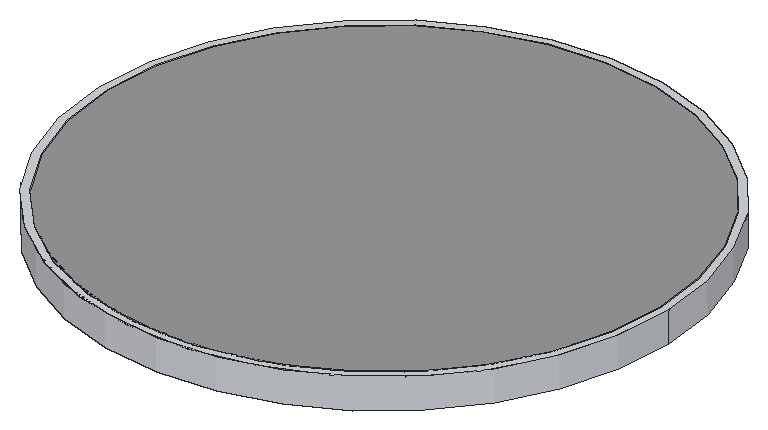
Revit family "2071317", category Lighting Fixtures, host Face, Revit 2018
Family settings
  Host = Face
  Round Connector Dimension = Use Diameter
  Part Type = Junction Box
  OmniClass Number = 23.80.70.00
  OmniClass Title = Lighting
  Cut with Voids When Loaded = No
  Light Source = Yes
  Shared = No
  Room Calculation Point = No
Parameters (values of type "2071317 COLOSSAL 1200 840 PR DIR+H WHT DALI")
  iner diameter = 1168 mm
  Weight = "n/a"
  Wattage Comments = ""
  Wattage = 30 W
  WarrantyStartDate [instance] = "n/a"
  WarrantyGuarantorParts = "n/a"
  WarrantyDurationUnit = "n/a"
  WarrantyDurationParts = ""
  WarrantyDescription = "http://www.sylvania-lighting.com"
  built-in parameter 1150110 = 1 (stored number, unit not read)
  Voltage = 230 V
  URL = "0.98"
  TypeName = "COLOSSAL 1200mm 840 PRISM DIR+HAL WHITE DALI"
  Type Image = <None>
  Type Comments = "n/a"
  built-in parameter 1114217 = 1 (stored number, unit not read)
  Tilt Angle = -90.00°
  built-in parameter 1150109 = 1 (stored number, unit not read)
  built-in parameter 1150134 = (empty or 0)
  built-in parameter 1150113 = 1 (stored number, unit not read)
  SerialNumber [instance] = "n/a"
  Photometric Web File = "2071317.ies"
  Material_3_SYL = LED-Sylvania
  PowerFactor = 0
  PowerConsumption = "Lighting"
  NominalLength = 1168 mm
  NominalHeight = 93 mm
  NominalDepth = 1168 mm
  Name = "COLOSSAL 1200mm 840 PRISM DIR+HAL WHITE DALI"
  ModelReference = Name  # "COLOSSAL 1200mm 840 PRISM DIR+HAL WHITE DALI"
  ModelNumber = "2071317"
  Model = Name  # "COLOSSAL 1200mm 840 PRISM DIR+HAL WHITE DALI"
  Material = "Feilo Sylvania"
  ManufacturerName = "142 lm/W"
  Manufacturer = ""
  LuminousEfficacy = ""
  built-in parameter 1150105 = 270.44 (stored number, unit not read)
  Lumens = 3398.4 lm
  LuminaireType = "0"
  built-in parameter 1150115 = 1 (stored number, unit not read)
  LightOutputRatio = "LED"
  built-in parameter 1150137 = (empty or 0)
  built-in parameter 1150139 = (empty or 0)
  LampsType = Lamp  # "n/a"
  LampNominalLuminous = "4000 K"
  LampMacAdamStep = "80"
  LampColourTemperature = "LED"
  LampColourRenderingIndex = "16500"
  built-in parameter 1150112 = 1 (stored number, unit not read)
  built-in parameter 1150114 = 1 (stored number, unit not read)
  Lamp = "n/a"
  Keynote = "n/a"
  InstallationDate [instance] = "n/a"
  InputVoltage = "0"
  InputNominalFrequency = "4000"
  built-in parameter 1150132 = (empty or 0)
  built-in parameter 1150102 = (empty or 0)
  built-in parameter 1150107 = 3000 (stored number, unit not read)
  built-in parameter 1150138 = (empty or 0)
  IngressProtection = "IfcLightFixtureType"
  ImpactProtectionIndex = "IfcLightFixtureType"
  built-in parameter 1150106 = 2.7044 (stored number, unit not read)
  IfcExportType = "IfcLightFixtureType"
  IfcExportAs = "Class I"
  Emit from Circle Diameter = 385 mm
  Emit Shape Visible in Rendering = no
  ElectricShockClassification = "142"
  built-in parameter 1150104 = 10.524 (stored number, unit not read)
  DocumentationLiterature = "http://www.sylvania-lighting.com/product/en-int/products/2071317"
  DimmingControlOptions = "n/a"
  Material_2_SYL = Polycarbonate_Sylvania_White
  Dimming Lamp Color Temperature Shift = <None>
  Description = "1200mm diameter circular architectural luminaire, can be surface mounted or suspended. Powder coated aluminium housing (RAL9016) with PMMA prismatic diffuser. Direct/indirect (halo) light distribution, 16665lm luminuous flux, 117.5W system power, 142lm/W luminiaire efficacy. DALI dimmable. Colour rendering index Ra >80, 4000K Neutral White LED, chromaticity tolerance of 3-step MacAdam ellipse. IP40/IP20, IK03. 350mA drive current. UGR≤19. Electrical protection Class1, 220-240V. Reported lifetime 66k hours L90B10."
  Default Elevation = 1219.2 mm
  CreatedOn = "23/03/2022"
  CreatedBy = "@sylvania-lighting.com"
  Cost = 0
  Color Filter = 16777215
  built-in parameter 1114216 [instance] = (empty or 0)
  ClassificationValue = "EF_70_80"
  ClassificationName = "Uniclass2015"
  Material_1_SYL = Polycarbonate_Sylvania_Opal
  BarCode [instance] = "n/a"
  built-in parameter 1114218 = 1 (stored number, unit not read)
  built-in parameter 1150133 = 10 (stored number, unit not read)
  AssetType = "Fixed"
  AssetIdentifier [instance] = "n/a"
  Assembly Code = "D5020200"
  Apparent Load = 117.5 VA
  Material_4_SYL = none
Reference planes
  plane 1 "Center (Front/Back)": y = 0
  plane 2: z = 0
  plane 3 "Center (Left/Right)": x = 0
  plane 4: z = 1.161
  plane 5: z = 16.161
  plane 6: y = 584
  plane 7: y = -584
  plane 8: x = 85
  plane 9: x = -85
  plane 10: through (0, 0, 1219.2) normal (0.5, 0.866, 0)
  plane 11: through (42.5, 73.612, 1219.2) normal (0.5, 0.866, 0)
  plane 12: through (-42.5, -73.612, 1219.2) normal (0.5, 0.866, 0)
  plane 13: through (0, 0, 1219.2) normal (0.5, -0.866, 0)
  plane 14: through (-42.5, 73.612, 1219.2) normal (0.5, -0.866, 0)
  plane 15: through (42.5, -73.612, 1219.2) normal (0.5, -0.866, 0)
  plane 16: z = 93
  plane 17: y = 584
  plane 18: y = -584
  plane 19: y = -429
  plane 20: x = -584
  plane 21: x = 584
Forms (mm)
  Extrusion 1, solid, detail levels medium+fine
    sketch origin (0, 0, 0) x (0.866025, -0.5, 0) y (0.5, 0.866025, 0)
      loop
        circle (-50, 86.603) r 22
    from 0 to 2
  Extrusion 2, solid, detail levels medium+fine
    sketch origin (0, 0, 0) x (0.866025, -0.5, 0) y (0.5, 0.866025, 0)
      loop
        circle (100, 0) r 22
      loop
        circle (-50, -86.603) r 22
    from 0 to 2
  Extrusion 3, solid, detail levels medium+fine
    sketch origin (0, 0, 0) x (1, 0, 0) y (0, 1, 0)
      loop
        circle (0, 0) r 584
    from 30 to 93
  Extrusion 4, void
    sketch origin (0, 0, 0) x (1, 0, 0) y (0, 1, 0)
      loop
        circle (0, 0) r 568
    from 96.588 to 37.292
  Extrusion 5, solid, material "Glass, White, High Luminance", detail levels fine
    sketch origin (0, 0, 0) x (1, 0, 0) y (0, 1, 0)
      loop
        circle (0, 0) r 568
    from 88.022 to 93
  Extrusion 6, solid, detail levels coarse
    sketch origin (0, 0, 0) x (1, 0, 0) y (0, 1, 0)
      loop
        line (-584, 584) -> (-584, -584) -> (584, -584) -> (584, 584) -> (-584, 584)
    from 0 to 93
  Blend 7, solid, detail levels medium+fine
    base sketch origin (-10.814, 11.299, 29.922) x (1, 0, 0) y (0, 1, 0)
      loop
        line (-402.654, -330.622) -> (397.346, -330.622) -> (482.346, -183.398) -> (82.346, 509.423) -> (-87.654, 509.423) -> (-487.654, -183.398) -> (-402.654, -330.622)
    top sketch origin (-10.814, 11.299, 29.922) x (1, 0, 0) y (0, 1, 0)
      loop
        line (-363.391, -306.496) -> (364.632, -306.496) -> (449.632, -159.272) -> (87.132, 468.597) -> (-82.868, 468.597) -> (-445.368, -159.272) -> (-363.391, -306.496)
    from 0 to -30
Cuts and joins
  Extrusion 4 cuts Extrusion 1
  Extrusion 4 cuts Extrusion 2
  Extrusion 4 cuts Extrusion 3
Lines and regions (mm)
  model lines, detail levels medium+fine
    curve 1: circle (0, 0, 0) r 155 normal (0, 0, 1)
  reference lines
    curve 2: circle (0, 0, 0) r 489 normal (0, 0, 1)
    curve 3: circle (0, 0, 0) r 521 normal (0, 0, 1)
    curve 4: line (0, 0, 0) -> (606.218, -350, 0)
    curve 5: line (0, 0, 0) -> (0, 825, 0)
    curve 6: line (0, 0, 0) -> (-623.538, -360, 0)
    curve 7: line (639.013, -270.785, 0) -> (85, 49.075, 0)
    curve 8: line (563.718, -423.612, 0) -> (0, -98.15, 0)
    curve 9: line (85, 49.075, 0) -> (85, 825, 0)
    curve 10: line (-85, 49.075, 0) -> (-85, 825, 0)
    curve 11: line (-85, 49.075, 0) -> (-666.038, -286.388, 0)
    curve 12: line (-581.038, -433.612, 0) -> (0, -98.15, 0)
Dimensions and locks
  plane 4 to level = 1.161 mm
  locked: plane 5 to plane 4 at 15
  "NominalDepth": plane 6 to plane 7
  plane 6 to plane 1 "Center (Front/Back)" to plane 7 = 584 mm, 584 mm
  "NominalHeight": level to plane 16
  equal spacing: plane 17, plane 1 "Center (Front/Back)", plane 18
  "NominalLength": plane 20 to plane 21
  equal spacing: plane 20, plane 3 "Center (Left/Right)", plane 21
  aligned and locked: plane 2 to host face
  aligned and locked: level to host face
  aligned and locked: plane 6 to Extrusion 6
Automatic sketch dimensions
  host sketch curve to host sketch curve = 2438.4 mm  (x2)
  Extrusion 1 sketch curve to plane 3 "Center (Left/Right)" = 0 mm
  Extrusion 1 sketch curve to plane 1 "Center (Front/Back)" = 100 mm
  plane 1 "Center (Front/Back)" to Extrusion 2 sketch curve = 50 mm
  Extrusion 2 sketch curve to plane 3 "Center (Left/Right)" = 86.603 mm
  Extrusion 2 sketch curve to Extrusion 2 sketch curve = 150 mm
  Extrusion 2 sketch curve to Extrusion 2 sketch curve = 86.603 mm
  plane 1 "Center (Front/Back)" to curve 1 = 0 mm
  curve 1 to plane 3 "Center (Left/Right)" = 0 mm
  plane 1 "Center (Front/Back)" to Extrusion 3 sketch curve = 0 mm
  Extrusion 3 sketch curve to plane 3 "Center (Left/Right)" = 0 mm
  plane 1 "Center (Front/Back)" to Extrusion 4 sketch curve = 0 mm
  Extrusion 4 sketch curve to plane 3 "Center (Left/Right)" = 0 mm
  plane 1 "Center (Front/Back)" to Extrusion 5 sketch curve = 0 mm
  Extrusion 5 sketch curve to plane 3 "Center (Left/Right)" = 0 mm
  curve 2 to curve 3 = 0 mm  (x2)
  curve 11 to plane 14 = 0 mm
  curve 6 to plane 13 = 0 mm
  curve 12 to plane 15 = 0 mm
  curve 10 to plane 9 = 0 mm
  curve 12 to plane 3 "Center (Left/Right)" = 0 mm
  plane 1 "Center (Front/Back)" to curve 3 = 0 mm
  curve 3 to plane 3 "Center (Left/Right)" = 0 mm
  curve 7 to plane 8 = 0 mm
  curve 11 to plane 10 = 0 mm
  curve 12 to plane 19 = 4.612 mm
  plane 19 to curve 6 = 69 mm
  plane 19 to curve 11 = 142.612 mm
  plane 19 to curve 8 = 5.388 mm
  plane 19 to curve 4 = 79 mm
  plane 19 to curve 7 = 158.215 mm
  plane 6 to curve 5 = 241 mm
  curve 10 to curve 5 = 0 mm
  curve 5 to curve 9 = 0 mm
  plane 1 "Center (Front/Back)" to curve 6 = 0 mm
  curve 6 to plane 3 "Center (Left/Right)" = 0 mm
  Extrusion 6 sketch curve to plane 7 = 0 mm
  Extrusion 6 sketch curve to plane 6 = 0 mm
  Blend 7 sketch curve to plane 6 = 756.098 mm  (x2)
  Blend 7 sketch curve to Blend 7 sketch curve = 85 mm
  plane 3 "Center (Left/Right)" to Blend 7 sketch curve = 386.532 mm
  plane 8 to Blend 7 sketch curve = 386.532 mm
  Blend 7 sketch curve to plane 6 = 63.278 mm
  Blend 7 sketch curve to plane 6 = 731.972 mm  (x2)
  Blend 7 sketch curve to Blend 7 sketch curve = 81.977 mm
  plane 3 "Center (Left/Right)" to Blend 7 sketch curve = 353.818 mm
  plane 8 to Blend 7 sketch curve = 353.818 mm
  Blend 7 sketch curve to plane 6 = 104.104 mm
  plane 12 to curve 8 = 0 mm
  plane 19 to Blend 7 sketch curve = 109.677 mm
  plane 19 to Blend 7 sketch curve = 133.803 mm
  plane 8 to Extrusion 6 sketch curve = 499 mm
  Extrusion 6 sketch curve to plane 9 = 499 mm
  Blend 7 sketch curve to plane 8 = 13.468 mm
  Blend 7 sketch curve to plane 9 = 13.468 mm
  Blend 7 sketch curve to plane 9 = 328.468 mm
  Blend 7 sketch curve to plane 8 = 8.682 mm
  Blend 7 sketch curve to plane 9 = 8.682 mm
  Blend 7 sketch curve to plane 9 = 289.205 mm
  plane 10 to curve 4 = 0 mm
  plane 11 to curve 7 = 0 mm
  curve 12 to plane 12 = 0 mm
  curve 9 to plane 11 = 0 mm
  radius of Extrusion 1 sketch curve = 22 mm
  radius of Extrusion 2 sketch curve = 22 mm  (x2)
  radius of curve 1 = 155 mm
  radius of Extrusion 3 sketch curve = 584 mm
  radius of Extrusion 4 sketch curve = 568 mm
  radius of Extrusion 5 sketch curve = 568 mm
  radius of curve 2 = 489 mm
  radius of curve 3 = 521 mm
Connectors
  electrical at (0, 0, 30)
    settings: on cut or joined group of Extrusion 3, Extrusion 4, index 1, voltage 0 V, apparent load 0 VA, apparent load phase1 0 VA, apparent load phase2 0 VA, apparent load phase3 0 VA, power factor 1, load classification "Other", number of poles 1, system type 31, power factor state 1, is connector primary yes, connector utility no, sub classification motor no, connector description ""
